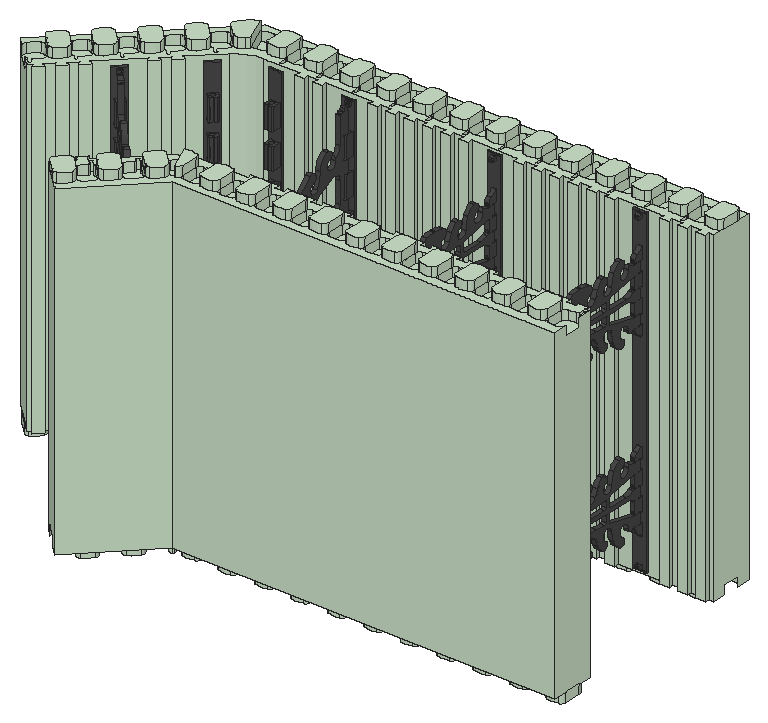
Revit family (continued)
Forms (mm)
  Extrusion 55, void
    sketch origin (660.022, 25.387, 0) x (0.707107, 0.707107, 0) y (-0.707107, 0.707107, 0)
      loop
        arc (-59.07, 193.38) -> (-55.492, 188.056) -> (-50.758, 183.727) r 26.988
        arc (-50.758, 183.727) -> (-50.1, 182.566) -> (-50.56, 181.314) r 1.588
        line (-50.56, 181.314) -> (-54.54, 177.334) -> (-51.471, 174.266) -> (-45.255, 180.482)
        arc (-45.255, 180.482) -> (-44.768, 180.814) -> (-44.193, 180.946) r 1.587
        arc (-44.193, 180.946) -> (-41.894, 181.472) -> (-39.946, 182.801) r 6.35
        line (-39.946, 182.801) -> (-23.401, 199.345)
        arc (-23.401, 199.345) -> (-21.619, 202.847) -> (-22.238, 206.726) r 6.35
        arc (-22.238, 206.726) -> (-27.183, 213.524) -> (-33.981, 218.47) r 26.988
    from 0 to 12.7
  Extrusion 56, void
    sketch origin (609.222, 25.387, 0) x (0.707107, 0.707107, 0) y (-0.707107, 0.707107, 0)
      loop
        arc (-33.981, 218.47) -> (-37.861, 219.088) -> (-41.362, 217.306) r 6.35
        line (-41.362, 217.306) -> (-57.906, 200.761)
        arc (-57.906, 200.761) -> (-59.689, 197.26) -> (-59.07, 193.38) r 6.35
        arc (-59.07, 193.38) -> (-55.492, 188.056) -> (-50.758, 183.727) r 26.988
        arc (-50.758, 183.727) -> (-50.1, 182.566) -> (-50.56, 181.314) r 1.588
        line (-50.56, 181.314) -> (-54.54, 177.334) -> (-51.471, 174.266) -> (-45.255, 180.482)
        arc (-45.255, 180.482) -> (-44.768, 180.814) -> (-44.193, 180.946) r 1.587
        arc (-44.193, 180.946) -> (-41.894, 181.472) -> (-39.946, 182.801) r 6.35
        line (-39.946, 182.801) -> (-23.401, 199.345)
        arc (-23.401, 199.345) -> (-21.619, 202.847) -> (-22.238, 206.726) r 6.35
        arc (-22.238, 206.726) -> (-27.183, 213.524) -> (-33.981, 218.47) r 26.988
    from 0 to 12.7
  Extrusion 57, void
    sketch origin (558.422, 25.387, 0) x (0.707107, 0.707107, 0) y (-0.707107, 0.707107, 0)
      loop
        arc (-33.981, 218.47) -> (-37.861, 219.088) -> (-41.362, 217.306) r 6.35
        line (-41.362, 217.306) -> (-57.906, 200.761)
        arc (-57.906, 200.761) -> (-59.689, 197.26) -> (-59.07, 193.38) r 6.35
        arc (-59.07, 193.38) -> (-55.492, 188.056) -> (-50.758, 183.727) r 26.988
        arc (-50.758, 183.727) -> (-50.1, 182.566) -> (-50.56, 181.314) r 1.588
        line (-50.56, 181.314) -> (-54.54, 177.334) -> (-51.471, 174.266) -> (-45.255, 180.482)
        arc (-45.255, 180.482) -> (-44.768, 180.814) -> (-44.193, 180.946) r 1.587
        arc (-44.193, 180.946) -> (-41.894, 181.472) -> (-39.946, 182.801) r 6.35
        line (-39.946, 182.801) -> (-23.401, 199.345)
        arc (-23.401, 199.345) -> (-21.619, 202.847) -> (-22.238, 206.726) r 6.35
        arc (-22.238, 206.726) -> (-27.183, 213.524) -> (-33.981, 218.47) r 26.988
    from 0 to 12.7
  Extrusion 58, void
    sketch origin (507.622, 25.387, 0) x (0.707107, 0.707107, 0) y (-0.707107, 0.707107, 0)
      loop
        arc (-33.981, 218.47) -> (-37.861, 219.088) -> (-41.362, 217.306) r 6.35
        line (-41.362, 217.306) -> (-57.906, 200.761)
        arc (-57.906, 200.761) -> (-59.689, 197.26) -> (-59.07, 193.38) r 6.35
        arc (-59.07, 193.38) -> (-55.492, 188.056) -> (-50.758, 183.727) r 26.988
        arc (-50.758, 183.727) -> (-50.1, 182.566) -> (-50.56, 181.314) r 1.588
        line (-50.56, 181.314) -> (-54.54, 177.334) -> (-51.471, 174.266) -> (-45.255, 180.482)
        arc (-45.255, 180.482) -> (-44.768, 180.814) -> (-44.193, 180.946) r 1.587
        arc (-44.193, 180.946) -> (-41.894, 181.472) -> (-39.946, 182.801) r 6.35
        line (-39.946, 182.801) -> (-23.401, 199.345)
        arc (-23.401, 199.345) -> (-21.619, 202.847) -> (-22.238, 206.726) r 6.35
        arc (-22.238, 206.726) -> (-27.183, 213.524) -> (-33.981, 218.47) r 26.988
    from 0 to 12.7
  Extrusion 59, void
    sketch origin (456.822, 25.387, 0) x (0.707107, 0.707107, 0) y (-0.707107, 0.707107, 0)
      loop
        arc (-33.981, 218.47) -> (-37.861, 219.088) -> (-41.362, 217.306) r 6.35
        line (-41.362, 217.306) -> (-57.906, 200.761)
        arc (-57.906, 200.761) -> (-59.689, 197.26) -> (-59.07, 193.38) r 6.35
        arc (-59.07, 193.38) -> (-55.492, 188.056) -> (-50.758, 183.727) r 26.988
        arc (-50.758, 183.727) -> (-50.1, 182.566) -> (-50.56, 181.314) r 1.588
        line (-50.56, 181.314) -> (-54.54, 177.334) -> (-51.471, 174.266) -> (-45.255, 180.482)
        arc (-45.255, 180.482) -> (-44.768, 180.814) -> (-44.193, 180.946) r 1.587
        arc (-44.193, 180.946) -> (-41.894, 181.472) -> (-39.946, 182.801) r 6.35
        line (-39.946, 182.801) -> (-23.401, 199.345)
        arc (-23.401, 199.345) -> (-21.619, 202.847) -> (-22.238, 206.726) r 6.35
        arc (-22.238, 206.726) -> (-27.183, 213.524) -> (-33.981, 218.47) r 26.988
    from 0 to 12.7
  Extrusion 60, void
    sketch origin (406.022, 25.387, 0) x (0.707107, 0.707107, 0) y (-0.707107, 0.707107, 0)
      loop
        arc (-33.981, 218.47) -> (-37.861, 219.088) -> (-41.362, 217.306) r 6.35
        line (-41.362, 217.306) -> (-57.906, 200.761)
        arc (-57.906, 200.761) -> (-59.689, 197.26) -> (-59.07, 193.38) r 6.35
        arc (-59.07, 193.38) -> (-55.492, 188.056) -> (-50.758, 183.727) r 26.988
        arc (-50.758, 183.727) -> (-50.1, 182.566) -> (-50.56, 181.314) r 1.588
        line (-50.56, 181.314) -> (-54.54, 177.334) -> (-51.471, 174.266) -> (-45.255, 180.482)
        arc (-45.255, 180.482) -> (-44.768, 180.814) -> (-44.193, 180.946) r 1.587
        arc (-44.193, 180.946) -> (-41.894, 181.472) -> (-39.946, 182.801) r 6.35
        line (-39.946, 182.801) -> (-23.401, 199.345)
        arc (-23.401, 199.345) -> (-21.619, 202.847) -> (-22.238, 206.726) r 6.35
        arc (-22.238, 206.726) -> (-27.183, 213.524) -> (-33.981, 218.47) r 26.988
    from 0 to 12.7
  Extrusion 61, void
    sketch origin (355.222, 25.387, 0) x (0.707107, 0.707107, 0) y (-0.707107, 0.707107, 0)
      loop
        arc (-33.981, 218.47) -> (-37.861, 219.088) -> (-41.362, 217.306) r 6.35
        line (-41.362, 217.306) -> (-57.906, 200.761)
        arc (-57.906, 200.761) -> (-59.689, 197.26) -> (-59.07, 193.38) r 6.35
        arc (-59.07, 193.38) -> (-55.492, 188.056) -> (-50.758, 183.727) r 26.988
        arc (-50.758, 183.727) -> (-50.1, 182.566) -> (-50.56, 181.314) r 1.588
        line (-50.56, 181.314) -> (-54.54, 177.334) -> (-51.471, 174.266) -> (-45.255, 180.482)
        arc (-45.255, 180.482) -> (-44.768, 180.814) -> (-44.193, 180.946) r 1.587
        arc (-44.193, 180.946) -> (-41.894, 181.472) -> (-39.946, 182.801) r 6.35
        line (-39.946, 182.801) -> (-23.401, 199.345)
        arc (-23.401, 199.345) -> (-21.619, 202.847) -> (-22.238, 206.726) r 6.35
        arc (-22.238, 206.726) -> (-27.183, 213.524) -> (-33.981, 218.47) r 26.988
    from 0 to 12.7
  Extrusion 62, void
    sketch origin (304.422, 25.387, 0) x (0.707107, 0.707107, 0) y (-0.707107, 0.707107, 0)
      loop
        arc (-33.981, 218.47) -> (-37.861, 219.088) -> (-41.362, 217.306) r 6.35
        line (-41.362, 217.306) -> (-57.906, 200.761)
        arc (-57.906, 200.761) -> (-59.689, 197.26) -> (-59.07, 193.38) r 6.35
        arc (-59.07, 193.38) -> (-55.492, 188.056) -> (-50.758, 183.727) r 26.988
        arc (-50.758, 183.727) -> (-50.1, 182.566) -> (-50.56, 181.314) r 1.588
        line (-50.56, 181.314) -> (-54.54, 177.334) -> (-51.471, 174.266) -> (-45.255, 180.482)
        arc (-45.255, 180.482) -> (-44.768, 180.814) -> (-44.193, 180.946) r 1.587
        arc (-44.193, 180.946) -> (-41.894, 181.472) -> (-39.946, 182.801) r 6.35
        line (-39.946, 182.801) -> (-23.401, 199.345)
        arc (-23.401, 199.345) -> (-21.619, 202.847) -> (-22.238, 206.726) r 6.35
        arc (-22.238, 206.726) -> (-27.183, 213.524) -> (-33.981, 218.47) r 26.988
    from 0 to 12.7
  Extrusion 63, void
    sketch origin (253.622, 25.387, 0) x (0.707107, 0.707107, 0) y (-0.707107, 0.707107, 0)
      loop
        arc (-33.981, 218.47) -> (-37.861, 219.088) -> (-41.362, 217.306) r 6.35
        line (-41.362, 217.306) -> (-57.906, 200.761)
        arc (-57.906, 200.761) -> (-59.689, 197.26) -> (-59.07, 193.38) r 6.35
        arc (-59.07, 193.38) -> (-55.492, 188.056) -> (-50.758, 183.727) r 26.988
        arc (-50.758, 183.727) -> (-50.1, 182.566) -> (-50.56, 181.314) r 1.588
        line (-50.56, 181.314) -> (-54.54, 177.334) -> (-51.471, 174.266) -> (-45.255, 180.482)
        arc (-45.255, 180.482) -> (-44.768, 180.814) -> (-44.193, 180.946) r 1.587
        arc (-44.193, 180.946) -> (-41.894, 181.472) -> (-39.946, 182.801) r 6.35
        line (-39.946, 182.801) -> (-23.401, 199.345)
        arc (-23.401, 199.345) -> (-21.619, 202.847) -> (-22.238, 206.726) r 6.35
        arc (-22.238, 206.726) -> (-27.183, 213.524) -> (-33.981, 218.47) r 26.988
    from 0 to 12.7
  Extrusion 64, void
    sketch origin (202.822, 25.387, 0) x (0.707107, 0.707107, 0) y (-0.707107, 0.707107, 0)
      loop
        arc (-33.981, 218.47) -> (-37.861, 219.088) -> (-41.362, 217.306) r 6.35
        line (-41.362, 217.306) -> (-57.906, 200.761)
        arc (-57.906, 200.761) -> (-59.689, 197.26) -> (-59.07, 193.38) r 6.35
        arc (-59.07, 193.38) -> (-55.492, 188.056) -> (-50.758, 183.727) r 26.988
        arc (-50.758, 183.727) -> (-50.1, 182.566) -> (-50.56, 181.314) r 1.588
        line (-50.56, 181.314) -> (-54.54, 177.334) -> (-51.471, 174.266) -> (-45.255, 180.482)
        arc (-45.255, 180.482) -> (-44.768, 180.814) -> (-44.193, 180.946) r 1.587
        arc (-44.193, 180.946) -> (-41.894, 181.472) -> (-39.946, 182.801) r 6.35
        line (-39.946, 182.801) -> (-23.401, 199.345)
        arc (-23.401, 199.345) -> (-21.619, 202.847) -> (-22.238, 206.726) r 6.35
        arc (-22.238, 206.726) -> (-27.183, 213.524) -> (-33.981, 218.47) r 26.988
    from 0 to 12.7
  Extrusion 65, void
    sketch origin (152.022, 25.387, 0) x (0.707107, 0.707107, 0) y (-0.707107, 0.707107, 0)
      loop
        arc (-33.981, 218.47) -> (-37.861, 219.088) -> (-41.362, 217.306) r 6.35
        line (-41.362, 217.306) -> (-57.906, 200.761)
        arc (-57.906, 200.761) -> (-59.689, 197.26) -> (-59.07, 193.38) r 6.35
        arc (-59.07, 193.38) -> (-55.492, 188.056) -> (-50.758, 183.727) r 26.988
        arc (-50.758, 183.727) -> (-50.1, 182.566) -> (-50.56, 181.314) r 1.588
        line (-50.56, 181.314) -> (-54.54, 177.334) -> (-51.471, 174.266) -> (-45.255, 180.482)
        arc (-45.255, 180.482) -> (-44.768, 180.814) -> (-44.193, 180.946) r 1.587
        arc (-44.193, 180.946) -> (-41.894, 181.472) -> (-39.946, 182.801) r 6.35
        line (-39.946, 182.801) -> (-23.401, 199.345)
        arc (-23.401, 199.345) -> (-21.619, 202.847) -> (-22.238, 206.726) r 6.35
        arc (-22.238, 206.726) -> (-27.183, 213.524) -> (-33.981, 218.47) r 26.988
    from 0 to 12.7
  Extrusion 66, void
    sketch origin (97.174, 133.15, 0) x (0, 1, 0) y (-1, 0, 0)
      loop
        arc (-33.981, 218.47) -> (-37.861, 219.088) -> (-41.362, 217.306) r 6.35
        line (-41.362, 217.306) -> (-57.906, 200.761)
        arc (-57.906, 200.761) -> (-59.689, 197.26) -> (-59.07, 193.38) r 6.35
        arc (-59.07, 193.38) -> (-55.492, 188.056) -> (-50.758, 183.727) r 26.988
        arc (-50.758, 183.727) -> (-50.1, 182.566) -> (-50.56, 181.314) r 1.588
        line (-50.56, 181.314) -> (-54.54, 177.334) -> (-51.471, 174.266) -> (-45.255, 180.482)
        arc (-45.255, 180.482) -> (-44.768, 180.814) -> (-44.193, 180.946) r 1.587
        arc (-44.193, 180.946) -> (-41.894, 181.472) -> (-39.946, 182.801) r 6.35
        line (-39.946, 182.801) -> (-23.401, 199.345)
        arc (-23.401, 199.345) -> (-21.619, 202.847) -> (-22.238, 206.726) r 6.35
        arc (-22.238, 206.726) -> (-27.183, 213.524) -> (-33.981, 218.47) r 26.988
    from 0 to 12.7
  Extrusion 67, void
    sketch origin (61.253, 97.229, 0) x (0, 1, 0) y (-1, 0, 0)
      loop
        arc (-33.981, 218.47) -> (-37.861, 219.088) -> (-41.362, 217.306) r 6.35
        line (-41.362, 217.306) -> (-57.906, 200.761)
        arc (-57.906, 200.761) -> (-59.689, 197.26) -> (-59.07, 193.38) r 6.35
        arc (-59.07, 193.38) -> (-55.492, 188.056) -> (-50.758, 183.727) r 26.988
        arc (-50.758, 183.727) -> (-50.1, 182.566) -> (-50.56, 181.314) r 1.588
        line (-50.56, 181.314) -> (-54.54, 177.334) -> (-51.471, 174.266) -> (-45.255, 180.482)
        arc (-45.255, 180.482) -> (-44.768, 180.814) -> (-44.193, 180.946) r 1.587
        arc (-44.193, 180.946) -> (-41.894, 181.472) -> (-39.946, 182.801) r 6.35
        line (-39.946, 182.801) -> (-23.401, 199.345)
        arc (-23.401, 199.345) -> (-21.619, 202.847) -> (-22.238, 206.726) r 6.35
        arc (-22.238, 206.726) -> (-27.183, 213.524) -> (-33.981, 218.47) r 26.988
    from 0 to 12.7
  Extrusion 68, void
    sketch origin (25.332, 61.308, 0) x (0, 1, 0) y (-1, 0, 0)
      loop
        arc (-33.981, 218.47) -> (-37.861, 219.088) -> (-41.362, 217.306) r 6.35
        line (-41.362, 217.306) -> (-57.906, 200.761)
        arc (-57.906, 200.761) -> (-59.689, 197.26) -> (-59.07, 193.38) r 6.35
        arc (-59.07, 193.38) -> (-55.492, 188.056) -> (-50.758, 183.727) r 26.988
        arc (-50.758, 183.727) -> (-50.1, 182.566) -> (-50.56, 181.314) r 1.588
        line (-50.56, 181.314) -> (-54.54, 177.334) -> (-51.471, 174.266) -> (-45.255, 180.482)
        arc (-45.255, 180.482) -> (-44.768, 180.814) -> (-44.193, 180.946) r 1.587
        arc (-44.193, 180.946) -> (-41.894, 181.472) -> (-39.946, 182.801) r 6.35
        line (-39.946, 182.801) -> (-23.401, 199.345)
        arc (-23.401, 199.345) -> (-21.619, 202.847) -> (-22.238, 206.726) r 6.35
        arc (-22.238, 206.726) -> (-27.183, 213.524) -> (-33.981, 218.47) r 26.988
    from 0 to 12.7
  Extrusion 69, void
    sketch origin (-10.589, 25.387, 0) x (0, 1, 0) y (-1, 0, 0)
      loop
        arc (-33.981, 218.47) -> (-37.861, 219.088) -> (-41.362, 217.306) r 6.35
        line (-41.362, 217.306) -> (-57.906, 200.761)
        arc (-57.906, 200.761) -> (-59.689, 197.26) -> (-59.07, 193.38) r 6.35
        arc (-59.07, 193.38) -> (-55.492, 188.056) -> (-50.758, 183.727) r 26.988
        arc (-50.758, 183.727) -> (-50.1, 182.566) -> (-50.56, 181.314) r 1.588
        line (-50.56, 181.314) -> (-54.54, 177.334) -> (-51.471, 174.266) -> (-45.255, 180.482)
        arc (-45.255, 180.482) -> (-44.768, 180.814) -> (-44.193, 180.946) r 1.587
        arc (-44.193, 180.946) -> (-41.894, 181.472) -> (-39.946, 182.801) r 6.35
        line (-39.946, 182.801) -> (-23.401, 199.345)
        arc (-23.401, 199.345) -> (-21.619, 202.847) -> (-22.238, 206.726) r 6.35
        arc (-22.238, 206.726) -> (-27.183, 213.524) -> (-33.981, 218.47) r 26.988
    from 0 to 12.7
Cuts and joins
  Extrusion 6, Extrusion 7, Extrusion 8, Extrusion 9, Extrusion 10, Extrusion 11, Extrusion 12, Extrusion 13, Extrusion 14, Extrusion 15, Extrusion 16, Extrusion 17, Extrusion 18, Extrusion 19, Extrusion 20, Extrusion 21, Extrusion 22, Extrusion 23, Extrusion 24, Extrusion 25, Extrusion 26, Extrusion 27, Extrusion 28, Extrusion 29, Extrusion 30, Extrusion 31, Extrusion 32, Extrusion 33, Extrusion 34, Extrusion 35, Extrusion 36, Extrusion 37, Extrusion 38, Extrusion 39, Extrusion 40, Extrusion 41, Extrusion 42, Extrusion 43, Extrusion 44, Extrusion 45, Extrusion 46, Extrusion 47, Extrusion 48, Extrusion 49, Extrusion 50, Extrusion 51, Extrusion 52, Extrusion 53, Extrusion 54, Extrusion 55, Extrusion 56, Extrusion 57, Extrusion 58, Extrusion 59, Extrusion 60, Extrusion 61, Extrusion 62, Extrusion 63, Extrusion 64, Extrusion 65, Extrusion 66, Extrusion 67, Extrusion 68, Extrusion 69 cuts Extrusion 1
  Extrusion 8 cuts Extrusion 2
  Extrusion 35 cuts Extrusion 3
  Extrusion 38 cuts Extrusion 5
  Extrusion 39 cuts Extrusion 4
Lines and regions (mm)
  model lines
    curve 1: line (197.717, 168.262, 457.2) -> (197.717, 168.262, 0)
Dimensions and locks
  aligned and locked: level to plane 2
  aligned and locked: Extrusion 1 to level
  aligned and locked: level to Extrusion 1  (x2)
  aligned and locked: nested 71 to nested 67
  aligned and locked: nested 64 to nested 68
  aligned and locked: nested 69 to nested 66
Nested families
  nested 1: "Interlock Tooth" at (553.317, -25.413, 0), type "Interlock Tooth"
  nested 2: "Interlock Tooth" at (502.517, -25.413, 0), type "Interlock Tooth"
  nested 3: "Interlock Tooth" at (451.717, -25.413, 0), type "Interlock Tooth"
  nested 4: "Interlock Tooth" at (400.917, -25.413, 0), type "Interlock Tooth"
  nested 5: "Interlock Tooth" at (350.117, -25.413, 0), type "Interlock Tooth"
  nested 6: "Interlock Tooth" at (299.317, -25.413, 0), type "Interlock Tooth"
  nested 7: "Interlock Tooth" at (248.517, -25.413, 0), type "Interlock Tooth"
  nested 8: "Interlock Tooth" at (197.717, -25.413, 0), type "Interlock Tooth"
  nested 9: "Interlock Tooth" at (146.917, -25.413, 0), type "Interlock Tooth"
  nested 10: "Interlock Tooth" at (96.117, -25.413, 0), type "Interlock Tooth"
  nested 11: "Interlock Tooth" at (-50.12, -85.986, 0) x (0.7071, 0.7071, 0) z (0, 0, 1), type "Interlock Tooth"
  nested 12: "Interlock Tooth" at (-86.041, -121.907, 0) x (0.7071, 0.7071, 0) z (0, 0, 1), type "Interlock Tooth"
  nested 13: "Interlock Tooth" at (-121.962, -157.828, 0) x (0.7071, 0.7071, 0) z (0, 0, 1), type "Interlock Tooth"
  nested 14: "Interlock Tooth" at (578.717, 25.387, 0), type "Interlock Tooth"
  nested 15: "Interlock Tooth" at (527.917, 25.387, 0), type "Interlock Tooth"
  nested 16: "Interlock Tooth" at (477.117, 25.387, 0), type "Interlock Tooth"
  nested 17: "Interlock Tooth" at (426.317, 25.387, 0), type "Interlock Tooth"
  nested 18: "Interlock Tooth" at (375.517, 25.387, 0), type "Interlock Tooth"
  nested 19: "Interlock Tooth" at (324.717, 25.387, 0), type "Interlock Tooth"
  nested 20: "Interlock Tooth" at (273.917, 25.387, 0), type "Interlock Tooth"
  nested 21: "Interlock Tooth" at (223.117, 25.387, 0), type "Interlock Tooth"
  nested 22: "Interlock Tooth" at (172.317, 25.387, 0), type "Interlock Tooth"
  nested 23: "Interlock Tooth" at (121.517, 25.387, 0), type "Interlock Tooth"
  nested 24: "Interlock Tooth" at (70.717, 25.387, 0), type "Interlock Tooth"
  nested 25: "Interlock Tooth" at (19.917, 25.387, 0), type "Interlock Tooth"
  nested 26: "Interlock Tooth" at (-30.883, 25.387, 0), type "Interlock Tooth"
  nested 27: "Interlock Tooth" at (-32.16, 3.816, 0) x (0.7071, 0.7071, 0) z (0, 0, 1), type "Interlock Tooth"
  nested 28: "Interlock Tooth" at (-68.081, -32.105, 0) x (0.7071, 0.7071, 0) z (0, 0, 1), type "Interlock Tooth"
  nested 29: "Interlock Tooth" at (-104.002, -68.026, 0) x (0.7071, 0.7071, 0) z (0, 0, 1), type "Interlock Tooth"
  nested 30: "Interlock Tooth" at (-139.923, -103.947, 0) x (0.7071, 0.7071, 0) z (0, 0, 1), type "Interlock Tooth"
  nested 31: "Interlock Tooth" at (-104.002, -139.868, -469.9) x (0.7071, 0.7071, 0) z (0, 0, 1), type "Interlock Tooth"
  nested 32: "Interlock Tooth" at (-68.081, -103.947, -469.9) x (0.7071, 0.7071, 0) z (0, 0, 1), type "Interlock Tooth"
  nested 33: "Interlock Tooth" at (-317.283, 37.492, -469.9) x (0.7071, 0.7071, 0) z (0, 0, 1), type "Interlock Tooth"
  nested 34: "Interlock Tooth" at (-281.362, 73.413, -469.9) x (0.7071, 0.7071, 0) z (0, 0, 1), type "Interlock Tooth"
  nested 35: "Interlock Tooth" at (-245.441, 109.334, -469.9) x (0.7071, 0.7071, 0) z (0, 0, 1), type "Interlock Tooth"
  nested 36: "Interlock Tooth" at (-209.52, 145.255, -469.9) x (0.7071, 0.7071, 0) z (0, 0, 1), type "Interlock Tooth"
  nested 37: "Interlock Tooth" at (-173.599, 181.176, -469.9) x (0.7071, 0.7071, 0) z (0, 0, 1), type "Interlock Tooth"
  nested 38: "Interlock Tooth" at (19.917, 25.387, -469.9) x (-1, 0, 0) z (0, 0, 1), type "Interlock Tooth"
  nested 39: "Interlock Tooth" at (70.717, 25.387, -469.9) x (-1, 0, 0) z (0, 0, 1), type "Interlock Tooth"
  nested 40: "Interlock Tooth" at (121.517, 25.387, -469.9) x (-1, 0, 0) z (0, 0, 1), type "Interlock Tooth"
  nested 41: "Interlock Tooth" at (172.317, 25.387, -469.9) x (-1, 0, 0) z (0, 0, 1), type "Interlock Tooth"
  nested 42: "Interlock Tooth" at (223.117, 25.387, -469.9) x (-1, 0, 0) z (0, 0, 1), type "Interlock Tooth"
  nested 43: "Interlock Tooth" at (273.917, 25.387, -469.9) x (-1, 0, 0) z (0, 0, 1), type "Interlock Tooth"
  nested 44: "Interlock Tooth" at (324.717, 25.387, -469.9) x (-1, 0, 0) z (0, 0, 1), type "Interlock Tooth"
  nested 45: "Interlock Tooth" at (375.517, 25.387, -469.9) x (-1, 0, 0) z (0, 0, 1), type "Interlock Tooth"
  nested 46: "Interlock Tooth" at (426.317, 25.387, -469.9) x (-1, 0, 0) z (0, 0, 1), type "Interlock Tooth"
  nested 47: "Interlock Tooth" at (477.117, 25.387, -469.9) x (-1, 0, 0) z (0, 0, 1), type "Interlock Tooth"
  nested 48: "Interlock Tooth" at (527.917, 25.387, -469.9) x (-1, 0, 0) z (0, 0, 1), type "Interlock Tooth"
  nested 49: "Interlock Tooth" at (578.717, 25.387, -469.9) x (-1, 0, 0) z (0, 0, 1), type "Interlock Tooth"
  nested 50: "Interlock Tooth" at (604.117, -25.413, -469.9) x (-1, 0, 0) z (0, 0, 1), type "Interlock Tooth"
  nested 51: "Interlock Tooth" at (553.317, -25.413, -469.9) x (-1, 0, 0) z (0, 0, 1), type "Interlock Tooth"
  nested 52: "Interlock Tooth" at (502.517, -25.413, -469.9) x (-1, 0, 0) z (0, 0, 1), type "Interlock Tooth"
  nested 53: "Interlock Tooth" at (451.717, -25.413, -469.9) x (-1, 0, 0) z (0, 0, 1), type "Interlock Tooth"
  nested 54: "Interlock Tooth" at (400.917, -25.413, -469.9) x (-1, 0, 0) z (0, 0, 1), type "Interlock Tooth"
  nested 55: "Interlock Tooth" at (350.117, -25.413, -469.9) x (-1, 0, 0) z (0, 0, 1), type "Interlock Tooth"
  nested 56: "Interlock Tooth" at (299.317, -25.413, -469.9) x (-1, 0, 0) z (0, 0, 1), type "Interlock Tooth"
  nested 57: "Interlock Tooth" at (248.517, -25.413, -469.9) x (-1, 0, 0) z (0, 0, 1), type "Interlock Tooth"
  nested 58: "Interlock Tooth" at (197.717, -25.413, -469.9) x (-1, 0, 0) z (0, 0, 1), type "Interlock Tooth"
  nested 59: "Interlock Tooth" at (146.917, -25.413, -469.9) x (-1, 0, 0) z (0, 0, 1), type "Interlock Tooth"
  nested 60: "Interlock Tooth" at (96.117, -25.413, -469.9) x (-1, 0, 0) z (0, 0, 1), type "Interlock Tooth"
  nested 61: "Capture Lugs" at (-5.483, 25.387, 0) x (-1, 0, 0) z (0, 0, 1), type "Capture Lugs"
  nested 62: "Capture Lugs" at (-14.199, 21.777, 0) x (-0.7071, -0.7071, 0) z (0, 0, 1), type "Capture Lugs"
  nested 63: "NUDURA Diamond Pattern" at (400.917, -25.413, 0), type "NUDURA Diamond Pattern"
  nested 64: "NUDURA Diamond Pattern" at (-5.483, -25.413, 0), type "NUDURA Diamond Pattern"
  nested 65: "NUDURA Diamond Pattern" at (400.917, 25.387, 0), type "NUDURA Diamond Pattern"
  nested 66: "NUDURA Diamond Pattern" at (197.717, 25.387, 0), type "NUDURA Diamond Pattern"
  nested 67: "NUDURA Logo Diamond" at (28.411, 266.443, 0) x (-0.7071, -0.7071, 0) z (0, 0, 1), type "NUDURA Logo Diamond"
  nested 68: "NUDURA Logo Diamond" at (-5.418, -168.288, 0), type "NUDURA Logo Diamond"
  nested 69: "NUDURA Logo Diamond Missing Outside Line" at (400.851, 168.262, 0) x (-1, 0, 0) z (0, 0, 1), type "NUDURA Logo Diamond without Outside Line"
  nested 70: "NUDURA Diamond Pattern Missing Two Lines" at (-107.083, 311.137, 0), type "NUDURA Diamond Pattern minus Two lines"
  nested 71: "NUDURA Diamond Pattern Missing Two Lines" at (57.643, 93.619, 0) x (-0.7071, -0.7071, 0) z (0, 0, 1), type "NUDURA Diamond Pattern minus Two lines"
  nested 72: "NUDURA Diamond Pattern Missing Two Lines" at (-121.962, -157.828, 0) x (0.7071, 0.7071, 0) z (0, 0, 1), type "NUDURA Diamond Pattern minus Two lines"
  nested 73: "8-inch Web" at (502.517, -0.013, 0), type "8-inch Web"
  nested 74: "8-inch Web" at (299.317, -0.013, 0), type "8-inch Web"
  nested 75: "8-inch Insert Web" at (-68.081, -68.026, 0) x (0.7071, 0.7071, 0) z (0, 0, 1), type "8-inch Insert Web"
  nested 76: "8-inch Insert Web" at (96.117, -0.013, 0), type "8-inch Insert Web"
Definition of nested family "Interlock Tooth"
  Reference planes
    plane 1 "Center (Front/Back)": y = 0
    plane 2: z = 0
    plane 3 "Center (Left/Right)": x = 0
    plane 4: z = 457.2
    plane 5: z = 469.9
    plane 6: z = -12.7
  Forms (mm)
    Extrusion 1, solid, material "NUDURA Expanded Polystyrene Foam Insulation"
      sketch origin (0, -225.425, 0) x (1, 0, 0) y (0, 1, 0)
        loop
          arc (0, 101.014) -> (1.215, 97.278) -> (4.396, 94.972) r 6.35
          arc (4.396, 94.972) -> (12.7, 93.663) -> (21.004, 94.972) r 26.988
          arc (21.004, 94.972) -> (24.185, 97.278) -> (25.4, 101.014) r 6.35
          line (25.4, 101.014) -> (25.4, 124.411)
          arc (25.4, 124.411) -> (24.185, 128.147) -> (21.004, 130.453) r 6.35
          arc (21.004, 130.453) -> (12.7, 131.763) -> (4.396, 130.453) r 26.987
          arc (4.396, 130.453) -> (1.215, 128.147) -> (0, 124.411) r 6.35
          line (0, 124.411) -> (0, 101.014)
      from 457.2 to 469.9
  Dimensions and locks
    locked: plane 4 to level at 457.2
    locked: plane 4 to plane 5 at 12.7
    locked: plane 6 to level at 12.7
Definition of nested family "Capture Lugs"
  Reference planes
    plane 1 "Center (Front/Back)": y = 0
    plane 2: z = 0
    plane 3 "Center (Left/Right)": x = 0
  Forms (mm)
    Extrusion 1, solid, material "High Density Polystyrene"
      sketch origin (0, 0, 0) x (0, 1, 0) y (0, 0, 1)
        loop
          arc (-82.55, 0) -> (-81.817, 0.502) -> (-81.534, 1.344) r 1.397
          line (-81.534, 1.344) -> (-81.534, 449.4)
          arc (-81.534, 449.4) -> (-81.817, 450.243) -> (-82.55, 450.744) r 1.397
          line (-82.55, 450.744) -> (-82.55, 0)
      from 9.227 to -9.227
    Extrusion 2, solid, material "High Density Polystyrene"
      sketch origin (0, 0, 0) x (0, 1, 0) y (0, 0, 1)
        loop
          line (-81.534, 410.919) -> (-81.534, 380.439) -> (-68.834, 380.439) -> (-68.834, 410.919) -> (-81.534, 410.919)
        loop
          line (-81.534, 361.389) -> (-81.534, 330.909) -> (-68.834, 330.909) -> (-68.834, 361.389) -> (-81.534, 361.389)
        loop
          line (-81.534, 311.859) -> (-81.534, 281.379) -> (-68.834, 281.379) -> (-68.834, 311.859) -> (-81.534, 311.859)
        loop
          line (-81.534, 262.329) -> (-81.534, 234.897) -> (-68.834, 234.897) -> (-68.834, 262.329) -> (-81.534, 262.329)
        loop
          line (-81.534, 215.847) -> (-81.534, 188.415) -> (-68.834, 188.415) -> (-68.834, 215.847) -> (-81.534, 215.847)
        loop
          line (-81.534, 169.365) -> (-81.534, 138.885) -> (-68.834, 138.885) -> (-68.834, 169.365) -> (-81.534, 169.365)
        loop
          line (-81.534, 119.835) -> (-81.534, 89.355) -> (-68.834, 89.355) -> (-68.834, 119.835) -> (-81.534, 119.835)
        loop
          line (-81.534, 70.305) -> (-81.534, 39.825) -> (-68.834, 39.825) -> (-68.834, 70.305) -> (-81.534, 70.305)
      from 6.35 to -6.35
    Extrusion 3, void
      sketch origin (0, 0, 0) x (1, 0, 0) y (0, 1, 0)
        loop
          arc (-6.35, -70.929) -> (-5.736, -69.448) -> (-4.255, -68.834) r 2.095
          line (-4.255, -68.834) -> (-6.35, -68.834) -> (-6.35, -70.929)
      from 0 to 457.2
    Extrusion 4, void
      sketch origin (0, 0, 0) x (-1, 0, 0) y (0, -1, 0)
        loop
          line (-6.35, 70.929) -> (-6.35, 68.834) -> (-4.255, 68.834)
          arc (-4.255, 68.834) -> (-5.736, 69.448) -> (-6.35, 70.929) r 2.095
      from 0 to 457.2
    Extrusion 5, void
      sketch origin (0, 0, 0) x (1, 0, 0) y (0, 1, 0)
        loop
          arc (-1.191, -72.009) -> (0, -78.127) -> (1.191, -72.009) r 3.175
          line (1.191, -72.009) -> (1.191, -68.834) -> (-1.191, -68.834) -> (-1.191, -72.009)
      from 0 to 457.2
  Cuts and joins
    Extrusion 3, Extrusion 4 cuts Extrusion 1
    Extrusion 3, Extrusion 4, Extrusion 5 cuts Extrusion 2
Definition of nested family "8-inch Web"
  Reference planes
    plane 1 "Center (Front/Back)": y = 0
    plane 2: z = 0
    plane 3 "Center (Left/Right)": x = 0
  Forms (mm)
    Extrusion 1, solid, material "Polypropylene"
      sketch origin (0, 0, -12.7) x (0, 1, 0) y (0, 0, 1)
        loop
          arc (106.299, 25.02) -> (106.14, 24.651) -> (105.763, 24.513) r 0.508
          line (105.763, 24.513) -> (101.755, 24.735)
          arc (101.755, 24.735) -> (101.378, 24.597) -> (101.219, 24.228) r 0.508
          line (101.219, 24.228) -> (101.219, 22.419)
          arc (101.219, 22.419) -> (101.324, 22.033) -> (101.611, 21.753) r 0.762
          line (101.611, 21.753) -> (105.907, 19.367)
          arc (105.907, 19.367) -> (106.194, 19.087) -> (106.299, 18.7) r 0.762
          line (106.299, 18.7) -> (106.299, 25.02)
        loop
          line (-106.299, 25.02) -> (-106.299, 18.7)
          arc (-106.299, 18.7) -> (-106.194, 19.087) -> (-105.907, 19.367) r 0.762
          line (-105.907, 19.367) -> (-101.611, 21.753)
          arc (-101.611, 21.753) -> (-101.324, 22.033) -> (-101.219, 22.419) r 0.762
          line (-101.219, 22.419) -> (-101.219, 24.228)
          arc (-101.219, 24.228) -> (-101.378, 24.597) -> (-101.755, 24.735) r 0.508
          line (-101.755, 24.735) -> (-105.763, 24.513)
          arc (-105.763, 24.513) -> (-106.14, 24.651) -> (-106.299, 25.02) r 0.508
        loop
          line (102.129, 391.654) -> (102.129, 404.353) -> (99.32, 404.353) -> (99.32, 406.132) -> (105.494, 406.132)
          arc (105.494, 406.132) -> (105.911, 406.076) -> (106.299, 405.913) r 1.587
          line (106.299, 405.913) -> (106.299, 423.004)
          arc (106.299, 423.004) -> (103.303, 418.355) -> (98.615, 415.42) r 12.7
          arc (98.615, 415.42) -> (95.547, 413.1) -> (94.382, 409.434) r 6.35
          line (94.382, 409.434) -> (94.382, 407.719)
          arc (94.382, 407.719) -> (94.847, 406.596) -> (95.969, 406.132) r 1.588
          line (95.969, 406.132) -> (97.423, 406.132) -> (97.423, 404.353) -> (94.523, 404.353)
          arc (94.523, 404.353) -> (90.146, 404.978) -> (85.945, 406.354) r 25.331
          arc (85.945, 406.354) -> (83.358, 405.798) -> (82.775, 403.217) r 2.458
          arc (82.775, 403.217) -> (71.305, 394.57) -> (71.754, 408.927) r 7.964
          arc (71.754, 408.927) -> (74.867, 416.191) -> (67.603, 419.303) r 5.588
          arc (67.603, 419.303) -> (61.567, 415.424) -> (57.64, 409.418) r 17.187
          arc (57.64, 409.418) -> (55.373, 401.561) -> (54.194, 393.47) r 60.065
          arc (54.194, 393.47) -> (41.863, 387.197) -> (42.74, 401.004) r 7.964
          arc (42.74, 401.004) -> (44.734, 408.303) -> (37.571, 410.739) r 5.521
          arc (37.571, 410.739) -> (32.372, 406.842) -> (28.785, 401.426) r 19.048
          line (28.785, 401.426) -> (25.162, 391.6)
          arc (25.162, 391.6) -> (12.317, 387.329) -> (14.2, 400.733) r 7.964
          arc (14.2, 400.733) -> (18.676, 407.439) -> (13.614, 413.714) r 6.808
          arc (13.614, 413.714) -> (7.646, 414.914) -> (1.57, 415.29) r 44.552
          arc (1.57, 415.29) -> (0.785, 415.288) -> (0, 415.273) r 44.552
          arc (0, 415.273) -> (-0.785, 415.288) -> (-1.57, 415.29) r 44.552
          arc (-1.57, 415.29) -> (-7.646, 414.914) -> (-13.614, 413.714) r 44.552
          arc (-13.614, 413.714) -> (-18.676, 407.439) -> (-14.2, 400.733) r 6.808
          arc (-14.2, 400.733) -> (-12.317, 387.329) -> (-25.162, 391.6) r 7.964
          line (-25.162, 391.6) -> (-28.785, 401.426)
          arc (-28.785, 401.426) -> (-32.372, 406.842) -> (-37.571, 410.739) r 19.048
          arc (-37.571, 410.739) -> (-44.734, 408.303) -> (-42.74, 401.004) r 5.521
          arc (-42.74, 401.004) -> (-41.863, 387.197) -> (-54.194, 393.47) r 7.964
          arc (-54.194, 393.47) -> (-55.373, 401.561) -> (-57.64, 409.418) r 60.065
          arc (-57.64, 409.418) -> (-61.567, 415.424) -> (-67.603, 419.303) r 17.187
          arc (-67.603, 419.303) -> (-74.867, 416.191) -> (-71.754, 408.927) r 5.588
          arc (-71.754, 408.927) -> (-71.305, 394.57) -> (-82.775, 403.217) r 7.964
          arc (-82.775, 403.217) -> (-83.358, 405.798) -> (-85.945, 406.354) r 2.458
          arc (-85.945, 406.354) -> (-90.146, 404.978) -> (-94.523, 404.353) r 25.331
          line (-94.523, 404.353) -> (-97.423, 404.353) -> (-97.423, 406.132) -> (-95.969, 406.132)
          arc (-95.969, 406.132) -> (-94.847, 406.596) -> (-94.382, 407.719) r 1.588
          line (-94.382, 407.719) -> (-94.382, 409.434)
          arc (-94.382, 409.434) -> (-95.547, 413.1) -> (-98.615, 415.42) r 6.35
          arc (-98.615, 415.42) -> (-103.303, 418.355) -> (-106.299, 423.004) r 12.7
          line (-106.299, 423.004) -> (-106.299, 405.913)
          arc (-106.299, 405.913) -> (-105.911, 406.076) -> (-105.494, 406.132) r 1.587
          line (-105.494, 406.132) -> (-99.32, 406.132) -> (-99.32, 404.353) -> (-102.129, 404.353) -> (-102.129, 391.654) -> (-99.32, 391.654) -> (-99.32, 389.876) -> (-104.712, 389.876)
          arc (-104.712, 389.876) -> (-105.834, 390.34) -> (-106.299, 391.463) r 1.587
          line (-106.299, 391.463) -> (-106.299, 371.524)
          arc (-106.299, 371.524) -> (-105.834, 372.647) -> (-104.712, 373.112) r 1.587
          line (-104.712, 373.112) -> (-99.32, 373.112) -> (-99.32, 371.334) -> (-102.129, 371.334) -> (-102.129, 358.634) -> (-99.32, 358.634) -> (-99.32, 356.856) -> (-104.712, 356.856)
          arc (-104.712, 356.856) -> (-105.834, 357.32) -> (-106.299, 358.443) r 1.587
          line (-106.299, 358.443) -> (-106.299, 338.504)
          arc (-106.299, 338.504) -> (-105.834, 339.627) -> (-104.712, 340.092) r 1.587
          line (-104.712, 340.092) -> (-99.32, 340.092) -> (-99.32, 338.314) -> (-102.129, 338.314) -> (-102.129, 325.614) -> (-99.32, 325.614) -> (-99.32, 323.836) -> (-104.712, 323.836)
          arc (-104.712, 323.836) -> (-105.834, 324.3) -> (-106.299, 325.423) r 1.588
          line (-106.299, 325.423) -> (-106.299, 310.193) -> (-104.542, 310.193)
          arc (-104.542, 310.193) -> (-101.901, 312.808) -> (-98.615, 314.547) r 12.7
          arc (-98.615, 314.547) -> (-95.547, 316.867) -> (-94.382, 320.534) r 6.35
          line (-94.382, 320.534) -> (-94.382, 322.248)
          arc (-94.382, 322.248) -> (-94.847, 323.371) -> (-95.969, 323.836) r 1.588
          line (-95.969, 323.836) -> (-97.423, 323.836) -> (-97.423, 325.614) -> (-94.523, 325.614)
          arc (-94.523, 325.614) -> (-90.146, 324.989) -> (-85.945, 323.613) r 25.331
          arc (-85.945, 323.613) -> (-83.358, 324.169) -> (-82.775, 326.751) r 2.458
          arc (-82.775, 326.751) -> (-71.305, 335.397) -> (-71.754, 321.04) r 7.964
          arc (-71.754, 321.04) -> (-74.867, 313.776) -> (-67.603, 310.664) r 5.588
          arc (-67.603, 310.664) -> (-61.567, 314.543) -> (-57.64, 320.549) r 17.187
          arc (-57.64, 320.549) -> (-55.373, 328.406) -> (-54.194, 336.497) r 60.065
          arc (-54.194, 336.497) -> (-41.863, 342.77) -> (-42.74, 328.963) r 7.964
          arc (-42.74, 328.963) -> (-44.734, 321.664) -> (-37.571, 319.228) r 5.521
          arc (-37.571, 319.228) -> (-32.372, 323.125) -> (-28.785, 328.542) r 19.048
          line (-28.785, 328.542) -> (-25.162, 338.367)
          arc (-25.162, 338.367) -> (-12.317, 342.638) -> (-14.2, 329.234) r 7.964
          arc (-14.2, 329.234) -> (-18.676, 322.528) -> (-13.614, 316.253) r 6.808
          arc (-13.614, 316.253) -> (-7.646, 315.053) -> (-1.57, 314.677) r 44.552
          arc (-1.57, 314.677) -> (-0.785, 314.679) -> (0, 314.694) r 44.552
          arc (0, 314.694) -> (0.785, 314.679) -> (1.57, 314.677) r 44.552
          arc (1.57, 314.677) -> (7.646, 315.053) -> (13.614, 316.253) r 44.552
          arc (13.614, 316.253) -> (18.676, 322.528) -> (14.2, 329.234) r 6.808
          arc (14.2, 329.234) -> (12.317, 342.638) -> (25.162, 338.367) r 7.964
          line (25.162, 338.367) -> (28.785, 328.542)
          arc (28.785, 328.542) -> (32.372, 323.125) -> (37.571, 319.228) r 19.048
          arc (37.571, 319.228) -> (44.734, 321.664) -> (42.74, 328.963) r 5.521
          arc (42.74, 328.963) -> (41.863, 342.77) -> (54.194, 336.497) r 7.964
          arc (54.194, 336.497) -> (55.373, 328.406) -> (57.64, 320.549) r 60.065
          arc (57.64, 320.549) -> (61.567, 314.543) -> (67.603, 310.664) r 17.187
          arc (67.603, 310.664) -> (74.867, 313.776) -> (71.754, 321.04) r 5.588
          arc (71.754, 321.04) -> (71.305, 335.397) -> (82.775, 326.751) r 7.964
          arc (82.775, 326.751) -> (83.358, 324.169) -> (85.945, 323.613) r 2.458
          arc (85.945, 323.613) -> (90.146, 324.989) -> (94.523, 325.614) r 25.331
          line (94.523, 325.614) -> (97.423, 325.614) -> (97.423, 323.836) -> (95.969, 323.836)
          arc (95.969, 323.836) -> (94.847, 323.371) -> (94.382, 322.248) r 1.588
          line (94.382, 322.248) -> (94.382, 320.534)
          arc (94.382, 320.534) -> (95.547, 316.867) -> (98.615, 314.547) r 6.35
          arc (98.615, 314.547) -> (101.901, 312.808) -> (104.542, 310.193) r 12.7
          line (104.542, 310.193) -> (106.299, 310.193) -> (106.299, 325.423)
          arc (106.299, 325.423) -> (105.834, 324.3) -> (104.712, 323.836) r 1.588
          line (104.712, 323.836) -> (99.32, 323.836) -> (99.32, 325.614) -> (102.129, 325.614) -> (102.129, 338.314) -> (99.32, 338.314) -> (99.32, 340.092) -> (104.712, 340.092)
          arc (104.712, 340.092) -> (105.834, 339.627) -> (106.299, 338.504) r 1.587
          line (106.299, 338.504) -> (106.299, 358.443)
          arc (106.299, 358.443) -> (105.834, 357.32) -> (104.712, 356.856) r 1.587
          line (104.712, 356.856) -> (99.32, 356.856) -> (99.32, 358.634) -> (102.129, 358.634) -> (102.129, 371.334) -> (99.32, 371.334) -> (99.32, 373.112) -> (104.712, 373.112)
          arc (104.712, 373.112) -> (105.834, 372.647) -> (106.299, 371.524) r 1.587
          line (106.299, 371.524) -> (106.299, 391.463)
          arc (106.299, 391.463) -> (105.834, 390.34) -> (104.712, 389.876) r 1.587
          line (104.712, 389.876) -> (99.32, 389.876) -> (99.32, 391.654) -> (102.129, 391.654)
        loop
          arc (91.877, 370.614) -> (93.148, 371.138) -> (94.509, 371.334) r 5.556
          line (94.509, 371.334) -> (97.423, 371.334) -> (97.423, 373.112) -> (95.969, 373.112)
          arc (95.969, 373.112) -> (94.847, 373.576) -> (94.382, 374.699) r 1.588
          line (94.382, 374.699) -> (94.382, 388.288)
          arc (94.382, 388.288) -> (94.847, 389.411) -> (95.969, 389.876) r 1.588
          line (95.969, 389.876) -> (97.423, 389.876) -> (97.423, 391.654) -> (94.509, 391.654)
          arc (94.509, 391.654) -> (72.674, 386.593) -> (50.693, 382.216) r 717.627
          arc (50.693, 382.216) -> (49.199, 381.344) -> (48.61, 379.717) r 2.54
          line (48.61, 379.717) -> (48.61, 369.944)
          arc (48.61, 369.944) -> (49.353, 368.149) -> (51.148, 367.404) r 2.54
          line (51.148, 367.404) -> (80.47, 367.385)
          arc (80.47, 367.385) -> (86.338, 368.419) -> (91.877, 370.614) r 29.457
        loop
          line (94.509, 338.314) -> (97.423, 338.314) -> (97.423, 340.092) -> (95.969, 340.092)
          arc (95.969, 340.092) -> (94.847, 340.556) -> (94.382, 341.679) r 1.588
          line (94.382, 341.679) -> (94.382, 355.268)
          arc (94.382, 355.268) -> (94.847, 356.391) -> (95.969, 356.856) r 1.588
          line (95.969, 356.856) -> (97.423, 356.856) -> (97.423, 358.634) -> (94.509, 358.634)
          arc (94.509, 358.634) -> (93.148, 358.829) -> (91.877, 359.353) r 5.556
          arc (91.877, 359.353) -> (86.338, 361.548) -> (80.47, 362.582) r 29.457
          line (80.47, 362.582) -> (51.148, 362.582)
          arc (51.148, 362.582) -> (49.353, 361.818) -> (48.61, 360.023) r 2.54
          line (48.61, 360.023) -> (48.61, 350.25)
          arc (48.61, 350.25) -> (49.199, 348.623) -> (50.693, 347.751) r 2.54
          arc (50.693, 347.751) -> (72.674, 343.374) -> (94.509, 338.314) r 717.627
        loop
          line (106.299, 457.58) -> (106.299, 463.9)
          arc (106.299, 463.9) -> (106.194, 463.513) -> (105.907, 463.233) r 0.762
          line (105.907, 463.233) -> (101.611, 460.847)
          arc (101.611, 460.847) -> (101.324, 460.567) -> (101.219, 460.181) r 0.762
          line (101.219, 460.181) -> (101.219, 458.372)
          arc (101.219, 458.372) -> (101.378, 458.003) -> (101.755, 457.865) r 0.508
          line (101.755, 457.865) -> (105.763, 458.087)
          arc (105.763, 458.087) -> (106.14, 457.949) -> (106.299, 457.58) r 0.508
        loop
          arc (-106.299, 457.58) -> (-106.14, 457.949) -> (-105.763, 458.087) r 0.508
          line (-105.763, 458.087) -> (-101.755, 457.865)
          arc (-101.755, 457.865) -> (-101.378, 458.003) -> (-101.219, 458.372) r 0.508
          line (-101.219, 458.372) -> (-101.219, 460.181)
          arc (-101.219, 460.181) -> (-101.324, 460.567) -> (-101.611, 460.847) r 0.762
          line (-101.611, 460.847) -> (-105.907, 463.233)
          arc (-105.907, 463.233) -> (-106.194, 463.513) -> (-106.299, 463.9) r 0.762
          line (-106.299, 463.9) -> (-106.299, 457.58)
        loop
          arc (41.723, 380.637) -> (34.623, 379.635) -> (27.46, 379.308) r 75.792
          line (27.46, 379.308) -> (11.029, 379.308)
          arc (11.029, 379.308) -> (5.078, 373.356) -> (11.029, 367.404) r 5.952
          line (11.029, 367.404) -> (42.196, 367.404)
          arc (42.196, 367.404) -> (43.992, 368.148) -> (44.736, 369.944) r 2.54
          line (44.736, 369.944) -> (44.736, 378.141)
          arc (44.736, 378.141) -> (43.816, 380.098) -> (41.723, 380.637) r 2.54
        loop
          arc (41.723, 349.33) -> (43.816, 349.87) -> (44.736, 351.826) r 2.54
          line (44.736, 351.826) -> (44.736, 360.023)
          arc (44.736, 360.023) -> (43.992, 361.819) -> (42.196, 362.563) r 2.54
          line (42.196, 362.563) -> (11.029, 362.563)
          arc (11.029, 362.563) -> (5.078, 356.611) -> (11.029, 350.659) r 5.952
          line (11.029, 350.659) -> (27.46, 350.659)
          arc (27.46, 350.659) -> (34.623, 350.333) -> (41.723, 349.33) r 75.792
        loop
          arc (-91.877, 370.614) -> (-86.338, 368.419) -> (-80.47, 367.385) r 29.457
          line (-80.47, 367.385) -> (-51.148, 367.404)
          arc (-51.148, 367.404) -> (-49.353, 368.149) -> (-48.61, 369.944) r 2.54
          line (-48.61, 369.944) -> (-48.61, 379.717)
          arc (-48.61, 379.717) -> (-49.199, 381.344) -> (-50.693, 382.216) r 2.54
          arc (-50.693, 382.216) -> (-72.674, 386.593) -> (-94.509, 391.654) r 717.627
          line (-94.509, 391.654) -> (-97.423, 391.654) -> (-97.423, 389.876) -> (-95.969, 389.876)
          arc (-95.969, 389.876) -> (-94.847, 389.411) -> (-94.382, 388.288) r 1.588
          line (-94.382, 388.288) -> (-94.382, 374.699)
          arc (-94.382, 374.699) -> (-94.847, 373.576) -> (-95.969, 373.112) r 1.588
          line (-95.969, 373.112) -> (-97.423, 373.112) -> (-97.423, 371.334) -> (-94.509, 371.334)
          arc (-94.509, 371.334) -> (-93.148, 371.138) -> (-91.877, 370.614) r 5.556
        loop
          arc (-94.509, 338.314) -> (-72.674, 343.374) -> (-50.693, 347.751) r 717.627
          arc (-50.693, 347.751) -> (-49.199, 348.623) -> (-48.61, 350.25) r 2.54
          line (-48.61, 350.25) -> (-48.61, 360.023)
          arc (-48.61, 360.023) -> (-49.353, 361.818) -> (-51.148, 362.582) r 2.54
          line (-51.148, 362.582) -> (-80.47, 362.582)
          arc (-80.47, 362.582) -> (-86.338, 361.548) -> (-91.877, 359.353) r 29.457
          arc (-91.877, 359.353) -> (-93.148, 358.829) -> (-94.509, 358.634) r 5.556
          line (-94.509, 358.634) -> (-97.423, 358.634) -> (-97.423, 356.856) -> (-95.969, 356.856)
          arc (-95.969, 356.856) -> (-94.847, 356.391) -> (-94.382, 355.268) r 1.588
          line (-94.382, 355.268) -> (-94.382, 341.679)
          arc (-94.382, 341.679) -> (-94.847, 340.556) -> (-95.969, 340.092) r 1.588
          line (-95.969, 340.092) -> (-97.423, 340.092) -> (-97.423, 338.314) -> (-94.509, 338.314)
        loop
          arc (-41.723, 380.637) -> (-43.816, 380.098) -> (-44.736, 378.141) r 2.54
          line (-44.736, 378.141) -> (-44.736, 369.944)
          arc (-44.736, 369.944) -> (-43.992, 368.148) -> (-42.196, 367.404) r 2.54
          line (-42.196, 367.404) -> (-11.029, 367.404)
          arc (-11.029, 367.404) -> (-5.078, 373.356) -> (-11.029, 379.308) r 5.952
          line (-11.029, 379.308) -> (-27.46, 379.308)
          arc (-27.46, 379.308) -> (-34.623, 379.635) -> (-41.723, 380.637) r 75.792
        loop
          arc (-41.723, 349.33) -> (-34.623, 350.333) -> (-27.46, 350.659) r 75.792
          line (-27.46, 350.659) -> (-11.029, 350.659)
          arc (-11.029, 350.659) -> (-5.078, 356.611) -> (-11.029, 362.563) r 5.952
          line (-11.029, 362.563) -> (-42.196, 362.563)
          arc (-42.196, 362.563) -> (-43.992, 361.819) -> (-44.736, 360.023) r 2.54
          line (-44.736, 360.023) -> (-44.736, 351.826)
          arc (-44.736, 351.826) -> (-43.816, 349.87) -> (-41.723, 349.33) r 2.54
        loop
          line (102.129, 90.946) -> (99.32, 90.946) -> (99.32, 92.724) -> (104.712, 92.724)
          arc (104.712, 92.724) -> (105.834, 92.26) -> (106.299, 91.137) r 1.587
          line (106.299, 91.137) -> (106.299, 111.076)
          arc (106.299, 111.076) -> (105.834, 109.953) -> (104.712, 109.488) r 1.587
          line (104.712, 109.488) -> (99.32, 109.488) -> (99.32, 111.266) -> (102.129, 111.266) -> (102.129, 123.966) -> (99.32, 123.966) -> (99.32, 125.744) -> (104.712, 125.744)
          arc (104.712, 125.744) -> (105.834, 125.28) -> (106.299, 124.157) r 1.587
          line (106.299, 124.157) -> (106.299, 144.096)
          arc (106.299, 144.096) -> (105.834, 142.973) -> (104.712, 142.508) r 1.587
          line (104.712, 142.508) -> (99.32, 142.508) -> (99.32, 144.286) -> (102.129, 144.286) -> (102.129, 156.986) -> (99.32, 156.986) -> (99.32, 158.764) -> (104.712, 158.764)
          arc (104.712, 158.764) -> (105.834, 158.3) -> (106.299, 157.177) r 1.588
          line (106.299, 157.177) -> (106.299, 172.407) -> (104.542, 172.407)
          arc (104.542, 172.407) -> (101.901, 169.792) -> (98.615, 168.053) r 12.7
          arc (98.615, 168.053) -> (95.547, 165.733) -> (94.382, 162.066) r 6.35
          line (94.382, 162.066) -> (94.382, 160.352)
          arc (94.382, 160.352) -> (94.847, 159.229) -> (95.969, 158.764) r 1.588
          line (95.969, 158.764) -> (97.423, 158.764) -> (97.423, 156.986) -> (94.523, 156.986)
          arc (94.523, 156.986) -> (90.146, 157.611) -> (85.945, 158.987) r 25.331
          arc (85.945, 158.987) -> (83.358, 158.431) -> (82.775, 155.849) r 2.458
          arc (82.775, 155.849) -> (71.305, 147.203) -> (71.754, 161.56) r 7.964
          arc (71.754, 161.56) -> (74.867, 168.824) -> (67.603, 171.936) r 5.588
          arc (67.603, 171.936) -> (61.567, 168.057) -> (57.64, 162.051) r 17.187
          arc (57.64, 162.051) -> (55.373, 154.194) -> (54.194, 146.103) r 60.065
          arc (54.194, 146.103) -> (41.863, 139.83) -> (42.74, 153.637) r 7.964
          arc (42.74, 153.637) -> (44.734, 160.936) -> (37.571, 163.372) r 5.521
          arc (37.571, 163.372) -> (32.372, 159.475) -> (28.785, 154.058) r 19.048
          line (28.785, 154.058) -> (25.162, 144.233)
          arc (25.162, 144.233) -> (12.317, 139.962) -> (14.2, 153.366) r 7.964
          arc (14.2, 153.366) -> (18.676, 160.072) -> (13.614, 166.347) r 6.808
          arc (13.614, 166.347) -> (7.646, 167.547) -> (1.57, 167.923) r 44.552
          arc (1.57, 167.923) -> (0.785, 167.921) -> (0, 167.906) r 44.552
          arc (0, 167.906) -> (-0.785, 167.921) -> (-1.57, 167.923) r 44.552
          arc (-1.57, 167.923) -> (-7.646, 167.547) -> (-13.614, 166.347) r 44.552
          arc (-13.614, 166.347) -> (-18.676, 160.072) -> (-14.2, 153.366) r 6.808
          arc (-14.2, 153.366) -> (-12.317, 139.962) -> (-25.162, 144.233) r 7.964
          line (-25.162, 144.233) -> (-28.785, 154.058)
          arc (-28.785, 154.058) -> (-32.372, 159.475) -> (-37.571, 163.372) r 19.048
          arc (-37.571, 163.372) -> (-44.734, 160.936) -> (-42.74, 153.637) r 5.521
          arc (-42.74, 153.637) -> (-41.863, 139.83) -> (-54.194, 146.103) r 7.964
          arc (-54.194, 146.103) -> (-55.373, 154.194) -> (-57.64, 162.051) r 60.065
          arc (-57.64, 162.051) -> (-61.567, 168.057) -> (-67.603, 171.936) r 17.187
          arc (-67.603, 171.936) -> (-74.867, 168.824) -> (-71.754, 161.56) r 5.588
          arc (-71.754, 161.56) -> (-71.305, 147.203) -> (-82.775, 155.849) r 7.964
          arc (-82.775, 155.849) -> (-83.358, 158.431) -> (-85.945, 158.987) r 2.458
          arc (-85.945, 158.987) -> (-90.146, 157.611) -> (-94.523, 156.986) r 25.331
          line (-94.523, 156.986) -> (-97.423, 156.986) -> (-97.423, 158.764) -> (-95.969, 158.764)
          arc (-95.969, 158.764) -> (-94.847, 159.229) -> (-94.382, 160.352) r 1.588
          line (-94.382, 160.352) -> (-94.382, 162.066)
          arc (-94.382, 162.066) -> (-95.547, 165.733) -> (-98.615, 168.053) r 6.35
          arc (-98.615, 168.053) -> (-101.901, 169.792) -> (-104.542, 172.407) r 12.7
          line (-104.542, 172.407) -> (-106.299, 172.407) -> (-106.299, 157.177)
          arc (-106.299, 157.177) -> (-105.834, 158.3) -> (-104.712, 158.764) r 1.588
          line (-104.712, 158.764) -> (-99.32, 158.764) -> (-99.32, 156.986) -> (-102.129, 156.986) -> (-102.129, 144.286) -> (-99.32, 144.286) -> (-99.32, 142.508) -> (-104.712, 142.508)
          arc (-104.712, 142.508) -> (-105.834, 142.973) -> (-106.299, 144.096) r 1.587
          line (-106.299, 144.096) -> (-106.299, 124.157)
          arc (-106.299, 124.157) -> (-105.834, 125.28) -> (-104.712, 125.744) r 1.587
          line (-104.712, 125.744) -> (-99.32, 125.744) -> (-99.32, 123.966) -> (-102.129, 123.966) -> (-102.129, 111.266) -> (-99.32, 111.266) -> (-99.32, 109.488) -> (-104.712, 109.488)
          arc (-104.712, 109.488) -> (-105.834, 109.953) -> (-106.299, 111.076) r 1.587
          line (-106.299, 111.076) -> (-106.299, 91.137)
          arc (-106.299, 91.137) -> (-105.834, 92.26) -> (-104.712, 92.724) r 1.587
          line (-104.712, 92.724) -> (-99.32, 92.724) -> (-99.32, 90.946) -> (-102.129, 90.946) -> (-102.129, 78.247) -> (-99.32, 78.247) -> (-99.32, 76.468) -> (-105.494, 76.468)
          arc (-105.494, 76.468) -> (-105.911, 76.524) -> (-106.299, 76.687) r 1.587
          line (-106.299, 76.687) -> (-106.299, 59.596)
          arc (-106.299, 59.596) -> (-103.303, 64.245) -> (-98.615, 67.18) r 12.7
          arc (-98.615, 67.18) -> (-95.547, 69.5) -> (-94.382, 73.166) r 6.35
          line (-94.382, 73.166) -> (-94.382, 74.881)
          arc (-94.382, 74.881) -> (-94.847, 76.004) -> (-95.969, 76.468) r 1.588
          line (-95.969, 76.468) -> (-97.423, 76.468) -> (-97.423, 78.247) -> (-94.523, 78.247)
          arc (-94.523, 78.247) -> (-90.146, 77.622) -> (-85.945, 76.246) r 25.331
          arc (-85.945, 76.246) -> (-83.358, 76.802) -> (-82.775, 79.383) r 2.458
          arc (-82.775, 79.383) -> (-71.305, 88.03) -> (-71.754, 73.673) r 7.964
          arc (-71.754, 73.673) -> (-74.867, 66.409) -> (-67.603, 63.297) r 5.588
          arc (-67.603, 63.297) -> (-61.567, 67.176) -> (-57.64, 73.182) r 17.187
          arc (-57.64, 73.182) -> (-55.373, 81.039) -> (-54.194, 89.13) r 60.065
          arc (-54.194, 89.13) -> (-41.863, 95.403) -> (-42.74, 81.596) r 7.964
          arc (-42.74, 81.596) -> (-44.734, 74.297) -> (-37.571, 71.861) r 5.521
          arc (-37.571, 71.861) -> (-32.372, 75.758) -> (-28.785, 81.174) r 19.048
          line (-28.785, 81.174) -> (-25.162, 91)
          arc (-25.162, 91) -> (-12.317, 95.271) -> (-14.2, 81.867) r 7.964
          arc (-14.2, 81.867) -> (-18.676, 75.161) -> (-13.614, 68.886) r 6.808
          arc (-13.614, 68.886) -> (-7.646, 67.686) -> (-1.57, 67.31) r 44.552
          arc (-1.57, 67.31) -> (-0.785, 67.312) -> (0, 67.327) r 44.552
          arc (0, 67.327) -> (0.785, 67.312) -> (1.57, 67.31) r 44.552
          arc (1.57, 67.31) -> (7.646, 67.686) -> (13.614, 68.886) r 44.552
          arc (13.614, 68.886) -> (18.676, 75.161) -> (14.2, 81.867) r 6.808
          arc (14.2, 81.867) -> (12.317, 95.271) -> (25.162, 91) r 7.964
          line (25.162, 91) -> (28.785, 81.174)
          arc (28.785, 81.174) -> (32.372, 75.758) -> (37.571, 71.861) r 19.048
          arc (37.571, 71.861) -> (44.734, 74.297) -> (42.74, 81.596) r 5.521
          arc (42.74, 81.596) -> (41.863, 95.403) -> (54.194, 89.13) r 7.964
          arc (54.194, 89.13) -> (55.373, 81.039) -> (57.64, 73.182) r 60.065
          arc (57.64, 73.182) -> (61.567, 67.176) -> (67.603, 63.297) r 17.187
          arc (67.603, 63.297) -> (74.867, 66.409) -> (71.754, 73.673) r 5.588
          arc (71.754, 73.673) -> (71.305, 88.03) -> (82.775, 79.383) r 7.964
          arc (82.775, 79.383) -> (83.358, 76.802) -> (85.945, 76.246) r 2.458
          arc (85.945, 76.246) -> (90.146, 77.622) -> (94.523, 78.247) r 25.331
          line (94.523, 78.247) -> (97.423, 78.247) -> (97.423, 76.468) -> (95.969, 76.468)
          arc (95.969, 76.468) -> (94.847, 76.004) -> (94.382, 74.881) r 1.588
          line (94.382, 74.881) -> (94.382, 73.166)
          arc (94.382, 73.166) -> (95.547, 69.5) -> (98.615, 67.18) r 6.35
          arc (98.615, 67.18) -> (103.303, 64.245) -> (106.299, 59.596) r 12.7
          line (106.299, 59.596) -> (106.299, 76.687)
          arc (106.299, 76.687) -> (105.911, 76.524) -> (105.494, 76.468) r 1.587
          line (105.494, 76.468) -> (99.32, 76.468) -> (99.32, 78.247) -> (102.129, 78.247) -> (102.129, 90.946)
        loop
          arc (91.877, 111.986) -> (86.338, 114.181) -> (80.47, 115.215) r 29.457
          line (80.47, 115.215) -> (51.148, 115.196)
          arc (51.148, 115.196) -> (49.353, 114.451) -> (48.61, 112.656) r 2.54
          line (48.61, 112.656) -> (48.61, 102.883)
          arc (48.61, 102.883) -> (49.199, 101.256) -> (50.693, 100.384) r 2.54
          arc (50.693, 100.384) -> (72.674, 96.007) -> (94.509, 90.946) r 717.627
          line (94.509, 90.946) -> (97.423, 90.946) -> (97.423, 92.724) -> (95.969, 92.724)
          arc (95.969, 92.724) -> (94.847, 93.189) -> (94.382, 94.312) r 1.588
          line (94.382, 94.312) -> (94.382, 107.901)
          arc (94.382, 107.901) -> (94.847, 109.024) -> (95.969, 109.488) r 1.588
          line (95.969, 109.488) -> (97.423, 109.488) -> (97.423, 111.266) -> (94.509, 111.266)
          arc (94.509, 111.266) -> (93.148, 111.462) -> (91.877, 111.986) r 5.556
        loop
          arc (94.509, 144.286) -> (72.674, 139.226) -> (50.693, 134.849) r 717.627
          arc (50.693, 134.849) -> (49.199, 133.977) -> (48.61, 132.35) r 2.54
          line (48.61, 132.35) -> (48.61, 122.577)
          arc (48.61, 122.577) -> (49.353, 120.782) -> (51.148, 120.018) r 2.54
          line (51.148, 120.018) -> (80.47, 120.018)
          arc (80.47, 120.018) -> (86.338, 121.052) -> (91.877, 123.247) r 29.457
          arc (91.877, 123.247) -> (93.148, 123.771) -> (94.509, 123.966) r 5.556
          line (94.509, 123.966) -> (97.423, 123.966) -> (97.423, 125.744) -> (95.969, 125.744)
          arc (95.969, 125.744) -> (94.847, 126.209) -> (94.382, 127.332) r 1.588
          line (94.382, 127.332) -> (94.382, 140.921)
          arc (94.382, 140.921) -> (94.847, 142.044) -> (95.969, 142.508) r 1.588
          line (95.969, 142.508) -> (97.423, 142.508) -> (97.423, 144.286) -> (94.509, 144.286)
        loop
          arc (41.723, 101.963) -> (43.816, 102.502) -> (44.736, 104.459) r 2.54
          line (44.736, 104.459) -> (44.736, 112.656)
          arc (44.736, 112.656) -> (43.992, 114.452) -> (42.196, 115.196) r 2.54
          line (42.196, 115.196) -> (11.029, 115.196)
          arc (11.029, 115.196) -> (5.078, 109.244) -> (11.029, 103.292) r 5.952
          line (11.029, 103.292) -> (27.46, 103.292)
          arc (27.46, 103.292) -> (34.623, 102.965) -> (41.723, 101.963) r 75.792
        loop
          arc (41.723, 133.27) -> (34.623, 132.267) -> (27.46, 131.941) r 75.792
          line (27.46, 131.941) -> (11.029, 131.941)
          arc (11.029, 131.941) -> (5.078, 125.989) -> (11.029, 120.037) r 5.952
          line (11.029, 120.037) -> (42.196, 120.037)
          arc (42.196, 120.037) -> (43.992, 120.781) -> (44.736, 122.577) r 2.54
          line (44.736, 122.577) -> (44.736, 130.774)
          arc (44.736, 130.774) -> (43.816, 132.73) -> (41.723, 133.27) r 2.54
        loop
          arc (-91.877, 111.986) -> (-93.148, 111.462) -> (-94.509, 111.266) r 5.556
          line (-94.509, 111.266) -> (-97.423, 111.266) -> (-97.423, 109.488) -> (-95.969, 109.488)
          arc (-95.969, 109.488) -> (-94.847, 109.024) -> (-94.382, 107.901) r 1.588
          line (-94.382, 107.901) -> (-94.382, 94.312)
          arc (-94.382, 94.312) -> (-94.847, 93.189) -> (-95.969, 92.724) r 1.588
